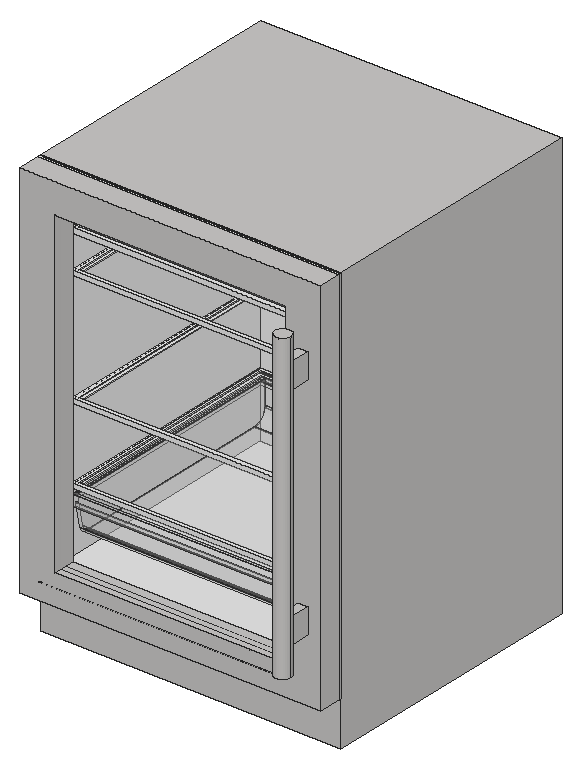
Revit family "M_Centro de bebidas embutido", category Equipamento especial, Revit 2019
Family settings
  Cota do conector redondo = Utilizar diâmetro
  Tipo de parte = Normal
  Número OmniClass = 23.40.40.14
  Título OmniClass = Food Service Equipment
  Com base no plano de trabalho = Não
  Sempre na vertical = Sim
  Corte com vazios quando carregada = Não
  Compartilhado = Não
  Ponto de cálculo do ambiente = Não
Parameters (values of type "600mm LH")
  Largura = 600 mm
  Deslocamento de parede = 25 mm
  Voltagem = 120 V
  Type Comments = ""
  Mostrar legenda = yes
  RH = no
  Consumo de energia = 500 VA
  Legenda = "Refr. U.C."
  LH = not(RH)  # yes
  Acabamento interior = Eletrodoméstico – Plástico – Branco
  Altura = 850 mm
  Linha de centro do puxador = if(RH, 35 mm, (Largura - 35 mm))  # 565 mm
  Vidro = Eletrodoméstico – Vidro
  Junta = Eletrodoméstico – Junta
  Descrição = "Centro de bebidas embutido"
  Linear = 600 mm
  Acabamento claro = Eletrodoméstico – Plástico – Claro
  Código de montagem = "E1090320"
  Acabamento do eletrodoméstico = Eletrodoméstico – Aço inoxidável
  Amperagem = Consumo de energia / Voltagem  # 4.16667 A
Types (2, lengths in mm): name | RH | LH | Linha de centro do puxador
  600mm RH | yes | no | 35
  600mm LH | no | yes | 565
Reference planes
  plane 1 "Parte posterior": y = 0
  plane 2: z = 0
  plane 3 "Centro (Esquerda/Direita)": x = 0
  plane 4 "Esquerda": x = -300
  plane 5 "Direita": x = 300
  plane 6: y = -25
  plane 7 "Parte frontal": y = -625
  plane 8 "Traseira da porta": y = -574.2
  plane 9 "Superior": z = 850
  plane 10 "Porta B.O.": z = 88.9
  plane 11: x = 265
  plane 12: z = 773.8
  plane 13: z = 165.1
  plane 14: z = 723.961
  plane 15: z = 647.761
  plane 16: z = 419.161
  plane 17: z = 266.761
Forms (mm)
  Extrusion 1, solid, material "Eletrodoméstico – Aço inoxidável" <- "Acabamento do eletrodoméstico"
    sketch origin (0, 0, 0) x (1, 0, 0) y (0, 1, 0)
      loop
        line (-300, -25) -> (-300, -574.2) -> (300, -574.2) -> (300, -25) -> (-300, -25)
    from 0 to 850
  Extrusion 2, solid, material "Eletrodoméstico – Aço inoxidável" <- "Acabamento do eletrodoméstico", detail levels fine
    sketch origin (0, -625, 0) x (-1, 0, 0) y (0, 0, 1)
      loop
        line (-255.475, 723) -> (-274.525, 723) -> (-274.525, 672.2) -> (-255.475, 672.2) -> (-255.475, 723)
      loop
        line (-255.475, 266.7) -> (-274.525, 266.7) -> (-274.525, 215.9) -> (-255.475, 215.9) -> (-255.475, 266.7)
    from -42.559 to 0
  Extrusion 3, solid, material "Eletrodoméstico – Aço inoxidável" <- "Acabamento do eletrodoméstico", detail levels fine
    sketch origin (0, 0, 0) x (1, 0, 0) y (0, 1, 0)
      loop
        circle (265, -676.174) r 15.875
    from 165.1 to 773.8
  Extrusion 4, solid, material "Eletrodoméstico – Aço inoxidável" <- "Acabamento do eletrodoméstico"
    sketch origin (0, -625, 0) x (-1, 0, 0) y (0, 0, 1)
      loop
        line (300, 850) -> (-300, 850) -> (-300, 88.9) -> (300, 88.9) -> (300, 850)
      loop
        line (230.15, 789.675) -> (-230.15, 789.675) -> (-230.15, 149.225) -> (230.15, 149.225) -> (230.15, 789.675)
    from 0 to 44.45
  Sweep 5, solid, material "Eletrodoméstico – Junta" <- "Junta", detail levels fine
    path in 3D
      loop
        line (-300, -625, 850) -> (-300, -625, 88.9) -> (300, -625, 88.9) -> (300, -625, 850) -> (-300, -625, 850)
    profile origin (0, -625, 850) x (0, -1, 0) y (0, 0, 1)
      loop
        line (-50.8, -3.175) -> (-50.8, -6.35) -> (-44.45, -6.35) -> (-44.45, -3.175)
        arc (-44.45, -3.175) -> (-47.625, 0) -> (-50.8, -3.175) r 3.175
  Extrusion 6, solid, material "Eletrodoméstico – Vidro" <- "Vidro"
    sketch origin (0, -625, 0) x (-1, 0, 0) y (0, 0, 1)
      loop
        line (-230.15, 789.675) -> (-230.15, 149.225) -> (230.15, 149.225) -> (230.15, 789.675) -> (-230.15, 789.675)
    from 12.7 to 25.4
  Extrusion 7, void
    sketch origin (0, -574.2, 0) x (-1, 0, 0) y (0, 0, 1)
      loop
        line (261.9, 825.801) -> (-261.9, 825.801) -> (-261.9, 133.35) -> (261.9, 133.35) -> (261.9, 825.801)
    from 0 to 498.4
  Extrusion 8, solid, material "Eletrodoméstico – Vidro" <- "Vidro", detail levels medium+fine
    sketch origin (0, -574.2, 0) x (-1, 0, 0) y (0, 0, 1)
      loop
        line (255.55, 723.961) -> (-255.55, 723.961) -> (-255.55, 717.611) -> (255.55, 717.611) -> (255.55, 723.961)
      loop
        line (255.55, 647.761) -> (-255.55, 647.761) -> (-255.55, 641.411) -> (255.55, 641.411) -> (255.55, 647.761)
      loop
        line (255.55, 419.161) -> (-255.55, 419.161) -> (-255.55, 412.811) -> (255.55, 412.811) -> (255.55, 419.161)
      loop
        line (255.55, 266.761) -> (-255.55, 266.761) -> (-255.55, 260.411) -> (255.55, 260.411) -> (255.55, 266.761)
    from 25.4 to 492.05
  Sweep 9, solid, material "Eletrodoméstico – Plástico – Branco" <- "Acabamento interior", detail levels fine
    path in 3D
      loop
        line (-255.55, -548.8, 266.761) -> (255.55, -548.8, 266.761) -> (255.55, -82.15, 266.761) -> (-255.55, -82.15, 266.761) -> (-255.55, -548.8, 266.761)
    profile origin (-255.55, -315.475, 266.761) x (1, 0, 0) y (0, 0, 1)
      loop
        line (0, 0) -> (6.35, 0) -> (6.35, 1.588) -> (-1.587, 1.588) -> (-1.587, -7.938) -> (6.35, -7.938) -> (6.35, -6.35) -> (0, -6.35) -> (0, 0)
      loop
        line (0, 152.4) -> (6.35, 152.4) -> (6.35, 153.988) -> (-1.587, 153.988) -> (-1.587, 144.463) -> (6.35, 144.463) -> (6.35, 146.05) -> (0, 146.05) -> (0, 152.4)
      loop
        line (0, 381) -> (6.35, 381) -> (6.35, 382.588) -> (-1.587, 382.588) -> (-1.587, 373.063) -> (6.35, 373.063) -> (6.35, 374.65) -> (0, 374.65) -> (0, 381)
      loop
        line (0, 457.2) -> (6.35, 457.2) -> (6.35, 458.787) -> (-1.587, 458.787) -> (-1.587, 449.262) -> (6.35, 449.262) -> (6.35, 450.85) -> (0, 450.85) -> (0, 457.2)
  Sweep 10, solid, material "Eletrodoméstico – Vidro" <- "Vidro", detail levels medium+fine
    path in 3D
      loop
        line (255.55, -548.8, 266.761) -> (255.55, -82.15, 266.761) -> (-255.55, -82.15, 266.761) -> (-255.55, -548.8, 266.761)
    profile origin (-255.55, -315.475, 266.761) x (1, 0, 0) y (0, 0, 1)
      loop
        line (-1.587, -7.937) -> (-1.587, -20.637) -> (11.113, -20.637) -> (11.113, -14.287) -> (7.938, -14.287) -> (7.938, -17.462) -> (1.588, -17.462) -> (1.588, -7.937) -> (-1.587, -7.937)
  Extrusion 11, solid, material "Eletrodoméstico – Plástico – Claro" <- "Acabamento claro", detail levels fine
    sketch origin (0, 0, 0) x (0, 1, 0) y (0, 0, 1)
      loop
        line (-559.913, 255.988) -> (-559.913, 233.424)
        arc (-559.913, 233.424) -> (-558.325, 231.836) -> (-556.738, 233.424) r 1.587
        line (-556.738, 233.424) -> (-556.738, 240.228)
        arc (-556.738, 240.228) -> (-556.183, 240.844) -> (-555.512, 240.357) r 0.62
        line (-555.512, 240.357) -> (-545.033, 191.058)
        arc (-545.033, 191.058) -> (-539.194, 181.53) -> (-528.661, 177.8) r 16.737
        line (-528.661, 177.8) -> (-109.138, 177.8)
        arc (-109.138, 177.8) -> (-91.177, 185.24) -> (-83.738, 203.2) r 25.4
        line (-83.738, 203.2) -> (-83.738, 258.824) -> (-86.913, 258.824) -> (-86.913, 208.024)
        arc (-86.913, 208.024) -> (-94.352, 190.063) -> (-112.313, 182.624) r 25.4
        line (-112.313, 182.624) -> (-528.278, 182.624)
        arc (-528.278, 182.624) -> (-537.383, 185.848) -> (-542.43, 194.085) r 14.469
        line (-542.43, 194.085) -> (-555.683, 256.433)
        arc (-555.683, 256.433) -> (-557.998, 258.115) -> (-559.913, 255.988) r 2.138
    from -244.437 to 244.437
  Extrusion 12, solid, material "Eletrodoméstico – Plástico – Claro" <- "Acabamento claro", detail levels fine
    sketch origin (-300, 0, 0) x (0, 1, 0) y (0, 0, 1)
      loop
        line (-86.913, 256.433) -> (-555.683, 256.433) -> (-542.43, 194.085)
        arc (-542.43, 194.085) -> (-537.383, 185.848) -> (-528.278, 182.624) r 14.469
        line (-528.278, 182.624) -> (-112.313, 182.624)
        arc (-112.313, 182.624) -> (-94.352, 190.063) -> (-86.913, 208.024) r 25.4
        line (-86.913, 208.024) -> (-86.913, 256.433)
    from 55.562 to 58.737
  Extrusion 13, solid, material "Eletrodoméstico – Plástico – Claro" <- "Acabamento claro", detail levels fine
    sketch origin (300, 0, 0) x (0, 1, 0) y (0, 0, 1)
      loop
        arc (-112.313, 182.624) -> (-94.352, 190.063) -> (-86.913, 208.024) r 25.4
        line (-86.913, 208.024) -> (-86.913, 256.433) -> (-555.683, 256.433) -> (-542.43, 194.085)
        arc (-542.43, 194.085) -> (-537.383, 185.848) -> (-528.278, 182.624) r 14.469
        line (-528.278, 182.624) -> (-112.313, 182.624)
    from -58.737 to -55.563
Cuts and joins
  Extrusion 7 cuts Extrusion 2
  Extrusion 7 cuts Extrusion 3
  joined: Extrusion 2, Extrusion 3
  Extrusion 7 cuts Extrusion 1
  Extrusion 7 cuts Extrusion 4
  Extrusion 7 cuts Extrusion 6
  joined: Extrusion 8, Sweep 10
  joined: Extrusion 11, Extrusion 12, Extrusion 13
Lines and regions (mm)
  Split face 1
    outline origin (-300, -25, 0) x (1, 0, 0) y (0, 0, -1)
      loop
        circle (447.6, -697.6) r 50.8
  Masking region 1
    outline origin (0, 0, 0) x (1, 0, 0) y (0, 1, 0)
      loop
        line (-300, -25) -> (-300, -625) -> (300, -625) -> (300, -25) -> (-300, -25)
  Masking region 2, detail levels fine
    outline origin (0, 0, 0) x (1, 0, 0) y (0, 1, 0)
      loop
        line (274.525, -663.474) -> (274.525, -625) -> (255.475, -625) -> (255.475, -663.474)
        arc (255.475, -663.474) -> (250.801, -669.075) -> (249.125, -676.174) r 15.875
        arc (249.125, -676.174) -> (265, -692.049) -> (280.875, -676.174) r 15.875
        arc (280.875, -676.174) -> (279.199, -669.075) -> (274.525, -663.474) r 15.875
  symbolic lines, style "Eletrodomésticos – Giro da planta", visible <- "LH", detail levels medium+fine
    curve 1: arc (300, -625, 0) -> (124.264, -1049.264, 0) -> (-300, -1225, 0) r 600
    curve 2: line (-300, -625, 0) -> (-300, -1225, 0)
  symbolic lines, style "Eletrodomésticos – Giro da planta", visible <- "RH", detail levels medium+fine
    curve 3: arc (-300, -625, 0) -> (-124.264, -1049.264, 0) -> (300, -1225, 0) r 600
    curve 4: line (300, -1225, 0) -> (300, -625, 0)
  sketch lines
    curve 5: line (300, -625, 850) -> (-300, -625, 850)
    curve 6: line (300, -625, 88.9) -> (300, -625, 850)
    curve 7: line (-300, -625, 88.9) -> (300, -625, 88.9)
    curve 8: line (-300, -625, 850) -> (-300, -625, 88.9)
    curve 18: line (-255.55, -82.15, 266.761) -> (-255.55, -548.8, 266.761)
    curve 19: line (-255.55, -82.15, 266.761) -> (255.55, -82.15, 266.761)
    curve 20: line (255.55, -82.15, 266.761) -> (255.55, -548.8, 266.761)
    curve 21: line (255.55, -548.8, 266.761) -> (-255.55, -548.8, 266.761)
    curve 22: line (-255.55, -82.15, 266.761) -> (-255.55, -548.8, 266.761)
    curve 23: line (-255.55, -82.15, 266.761) -> (255.55, -82.15, 266.761)
    curve 24: line (255.55, -82.15, 266.761) -> (255.55, -548.8, 266.761)
  symbolic lines, style "Eletrodomésticos"
    curve 9: line (-300, -25, 0) -> (300, -25, 0)
    curve 10: line (-300, -625, 0) -> (-300, -25, 0)
    curve 11: line (300, -625, 0) -> (-300, -625, 0)
    curve 12: line (300, -25, 0) -> (300, -625, 0)
  symbolic lines, style "Eletrodomésticos – Ocultos"
    curve 13: line (-300, -574.2, 0) -> (300, -574.2, 0)
  symbolic lines, style "Eletrodomésticos", detail levels fine
    curve 14: arc (280.875, -676.174, 0) -> (265, -660.299, 0) -> (249.125, -676.174, 0) r 15.875
    curve 15: arc (249.125, -676.174, 0) -> (265, -692.049, 0) -> (280.875, -676.174, 0) r 15.875
    curve 16: line (274.525, -663.474, 0) -> (274.525, -625, 0)
    curve 17: line (255.475, -625, 0) -> (255.475, -663.474, 0)
Dimensions and locks
  equal spacing: plane 4 "Esquerda", plane 3 "Centro (Esquerda/Direita)", plane 5 "Direita"
  "Largura": plane 4 "Esquerda" to plane 5 "Direita"
  "Linear": plane 6 to plane 7 "Parte frontal"
  "Deslocamento de parede": plane 1 "Parte posterior" to plane 6
  "Altura": plane 9 "Superior" to level
  locked: plane 10 "Porta B.O." to level at 88.9
  locked: plane 8 "Traseira da porta" to plane 7 "Parte frontal" at 50.8
  locked: plane 9 "Superior" to plane 12 at 76.2
  locked: plane 13 to plane 10 "Porta B.O." at 76.2
  Extrusion 2 sketch curve to plane 11 to Extrusion 2 sketch curve = 9.525 mm locked, 9.525 mm locked  (x2)
  plane 12 to Extrusion 2 sketch curve to Extrusion 2 sketch curve = 50.8 mm locked, 50.8 mm locked
  Extrusion 2 sketch curve to Extrusion 2 sketch curve to plane 13 = 50.8 mm locked, 50.8 mm locked
  locked: plane 7 "Parte frontal" to Extrusion 3 sketch curve at 51.174
  locked: Split face 1 sketch curve to plane 9 "Superior" at 152.4
  locked: plane 5 "Direita" to Split face 1 sketch curve at 152.4
  "Linha de centro do puxador": plane 4 "Esquerda" to plane 11
  equal spacing: plane 6, nested 1, plane 8 "Traseira da porta"
  locked: plane 9 "Superior" to Sweep 5 sketch curve at 6.35
  locked: plane 5 "Direita" to Extrusion 4 sketch curve at 69.85
  locked: Extrusion 4 sketch curve to plane 4 "Esquerda" at 69.85
  locked: plane 9 "Superior" to Extrusion 4 sketch curve at 60.325
  locked: Extrusion 4 sketch curve to plane 10 "Porta B.O." at 60.325
  locked: plane 5 "Direita" to Extrusion 7 sketch curve at 38.1
  locked: Extrusion 7 sketch curve to plane 4 "Esquerda" at 38.1
  locked: plane 6 to cut or joined group of Extrusion 1, Extrusion 7 at 50.8
  plane 14 to plane 15 to plane 16 to plane 17 to plane 13 = 76.2 mm locked, 228.6 mm locked, 152.4 mm locked, 101.661 mm locked
  locked: Extrusion 7 sketch curve to plane 10 "Porta B.O." at 44.45
  locked: Extrusion 8 sketch curve to plane 4 "Esquerda" at 44.45  (x4)
  locked: plane 5 "Direita" to Extrusion 8 sketch curve at 44.45  (x4)
  locked: plane 14 to Extrusion 8 sketch curve at 6.35
  locked: plane 15 to Extrusion 8 sketch curve at 6.35
  locked: plane 16 to Extrusion 8 sketch curve at 6.35
  locked: plane 17 to Extrusion 8 sketch curve at 6.35
  locked: plane 6 to cut or joined group of Extrusion 8, Sweep 10 at 57.15
  "Largura": radius of curve 3
  "Largura": radius of curve 1
  aligned and locked: plane 2 to level
  aligned and locked: Extrusion 1 sketch curve to plane 6
  aligned and locked: plane 4 "Esquerda" to Extrusion 1 sketch curve
  aligned and locked: plane 8 "Traseira da porta" to Extrusion 1 sketch curve
  aligned and locked: Extrusion 1 sketch curve to plane 5 "Direita"
  aligned and locked: plane 9 "Superior" to Extrusion 1
  aligned and locked: plane 7 "Parte frontal" to Extrusion 2
  aligned and locked: plane 11 to Extrusion 3 sketch curve
  aligned and locked: Extrusion 3 to plane 13
  aligned and locked: plane 12 to Extrusion 3
  aligned and locked: plane 12 to cut or joined group of Extrusion 2, Extrusion 3, Extrusion 7
  aligned and locked: plane 4 "Esquerda" to Extrusion 4 sketch curve
  aligned and locked: Extrusion 4 sketch curve to plane 5 "Direita"
  aligned and locked: plane 10 "Porta B.O." to Extrusion 4 sketch curve
  aligned and locked: plane 3 "Centro (Esquerda/Direita)" to nested 1
  aligned and locked: Masking region 1 sketch curve to plane 5 "Direita"
  aligned and locked: Masking region 1 sketch curve to plane 6
  aligned and locked: plane 4 "Esquerda" to Masking region 1 sketch curve
  aligned and locked: plane 7 "Parte frontal" to Masking region 1 sketch curve
  aligned and locked: Masking region 2 sketch curve to cut or joined group of Extrusion 2, Extrusion 3, Extrusion 7  (x5)
  aligned and locked: Masking region 2 sketch curve to plane 7 "Parte frontal"
  aligned and locked: Extrusion 4 sketch curve to plane 9 "Superior"
  aligned and locked: Extrusion 6 sketch curve to Extrusion 4  (x4)
  aligned and locked: Extrusion 8 sketch curve to plane 14
  aligned and locked: Extrusion 8 sketch curve to plane 17
  aligned and locked: Extrusion 8 sketch curve to plane 16
  aligned and locked: Extrusion 8 sketch curve to plane 15
  aligned and locked: Extrusion 11 to cut or joined group of Extrusion 8, Sweep 10  (x2)
  aligned and locked: Extrusion 11 to Extrusion 12 sketch curve
  aligned and locked: Extrusion 12 sketch curve to Extrusion 11  (x3)
  aligned and locked: Extrusion 12 to cut or joined group of Extrusion 8, Sweep 10
  aligned and locked: Extrusion 13 sketch curve to cut or joined group of Extrusion 11, Extrusion 12, Extrusion 13  (x3)
  aligned and locked: cut or joined group of Extrusion 11, Extrusion 12, Extrusion 13 to Extrusion 13 sketch curve
  aligned and locked: Extrusion 13 to cut or joined group of Extrusion 8, Sweep 10
Automatic sketch dimensions
  Sweep 5 sketch curve to profile plane = 3.175 mm
  profile plane to Sweep 5 sketch curve = 50.8 mm
  Sweep 5 sketch curve to Sweep 5 sketch curve = 3.175 mm
  Extrusion 7 sketch curve to plane 9 "Superior" = 24.199 mm
  profile plane to Sweep 9 sketch curve = 0 mm  (x4)
  Sweep 9 sketch curve to profile plane = 0 mm
  profile plane to Sweep 9 sketch curve = 1.587 mm  (x4)
  Sweep 9 sketch curve to profile plane = 6.35 mm  (x7)
  Sweep 9 sketch curve to Sweep 9 sketch curve = 6.35 mm  (x5)
  profile plane to Sweep 9 sketch curve = 1.588 mm
  Sweep 9 sketch curve to Sweep 9 sketch curve = 1.587 mm  (x4)
  Sweep 9 sketch curve to Sweep 9 sketch curve = 142.875 mm
  Sweep 9 sketch curve to Sweep 9 sketch curve = 1.588 mm  (x3)
  Sweep 9 sketch curve to Sweep 9 sketch curve = 219.075 mm
  Sweep 9 sketch curve to Sweep 9 sketch curve = 66.675 mm
  profile plane to Sweep 10 sketch curve = 1.587 mm
  Sweep 10 sketch curve to profile plane = 1.588 mm
  Sweep 10 sketch curve to Sweep 10 sketch curve = 6.35 mm
  Sweep 10 sketch curve to Sweep 10 sketch curve = 3.175 mm  (x3)
  Sweep 10 sketch curve to profile plane = 20.637 mm
  Sweep 10 sketch curve to profile plane = 7.937 mm
  plane 8 "Traseira da porta" to Extrusion 11 sketch curve = 14.288 mm
  Extrusion 11 sketch curve to Extrusion 11 sketch curve = 1.587 mm
  Extrusion 11 sketch curve to Extrusion 11 sketch curve = 2.138 mm
  Extrusion 11 sketch curve to Extrusion 11 sketch curve = 0.62 mm
  Extrusion 11 sketch curve to plane 17 = 10.328 mm
  Extrusion 11 sketch curve to Extrusion 11 sketch curve = 2.091 mm
  Extrusion 11 sketch curve to Extrusion 11 sketch curve = 0.606 mm
  plane 8 "Traseira da porta" to Extrusion 11 sketch curve = 29.167 mm
  Extrusion 11 sketch curve to Extrusion 11 sketch curve = 2.603 mm
  Extrusion 11 sketch curve to Extrusion 11 sketch curve = 13.769 mm
  Extrusion 11 sketch curve to Extrusion 11 sketch curve = 0.384 mm
  plane 13 to Extrusion 11 sketch curve = 17.524 mm
  Extrusion 11 sketch curve to plane 6 = 87.312 mm
  Extrusion 11 sketch curve to Extrusion 11 sketch curve = 3.175 mm  (x2)
  Extrusion 11 sketch curve to plane 17 = 7.938 mm
  Extrusion 11 sketch curve to Extrusion 11 sketch curve = 25.4 mm
  Extrusion 11 sketch curve to Extrusion 11 sketch curve = 4.824 mm
  Extrusion 11 sketch curve to Extrusion 11 sketch curve = 8.434 mm
  Extrusion 11 sketch curve to Extrusion 11 sketch curve = 3.027 mm
  Extrusion 11 sketch curve to Extrusion 11 sketch curve = 22.565 mm
  Extrusion 11 sketch curve to Extrusion 11 sketch curve = 6.804 mm
  plane 13 to Extrusion 12 sketch curve = 28.985 mm
  Extrusion 12 sketch curve to plane 17 = 10.328 mm
  plane 13 to Extrusion 13 sketch curve = 28.985 mm
  plane 8 "Traseira da porta" to Extrusion 13 sketch curve = 18.517 mm
  curve 1 to plane 4 "Esquerda" = 0 mm
  curve 17 to plane 7 "Parte frontal" = 0 mm
  curve 15 to plane 11 = 0 mm
  curve 13 to plane 8 "Traseira da porta" = 0 mm
  curve 9 to plane 6 = 0 mm
  curve 15 to plane 7 "Parte frontal" = 51.174 mm
  curve 15 to plane 11 = 15.875 mm
  curve 17 to plane 11 = 9.525 mm
  plane 11 to curve 16 = 9.525 mm
  radius of Extrusion 3 sketch curve = 15.875 mm
  radius of Split face 1 sketch curve = 50.8 mm
Nested families
  nested 1: "Anotação de legenda de 2,5" at (0, -299.6, 0), visible <- "Mostrar legenda", type "Anotação de legenda de 2,5"
Connectors
  electrical at (147.6, -25, 697.6), driven by "Voltagem", driven by "Consumo de energia"
    settings: on Extrusion 1, index 1, voltage 120 V, apparent load 500 VA, apparent load phase1 0 VA, apparent load phase2 0 VA, apparent load phase3 0 VA, power factor 1, load classification "Eletrodoméstico", number of poles 1, system type 30, power factor state 1, is connector primary yes, connector utility no, sub classification motor no, connector description "Potência do refrigerador"
Definition of nested family "Anotação de legenda de 2,5"
  Parameters
    Legenda = "Congelador 36 LH"
  Reference planes
    plane 1: y = 0
    plane 2: x = 0
  Text (mm)
    label "Legenda" at (0.095, -0.088, 0), shows "Legenda"
